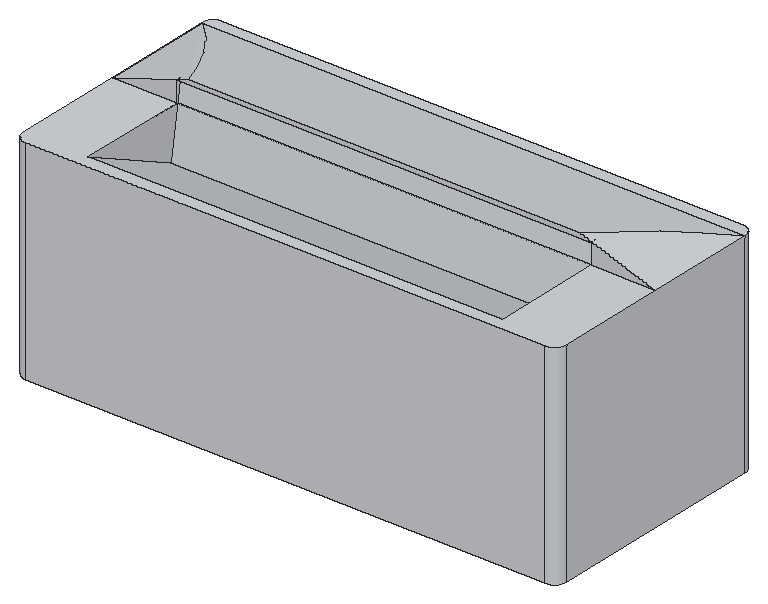
Revit family "2824202", category Lighting Fixtures, Revit 2017
Family settings
  Round Connector Dimension = Use Diameter
  Part Type = Normal
  OmniClass Number = 23.80.70.00
  OmniClass Title = Lighting
  Work Plane-Based = No
  Always vertical = Yes
  Cut with Voids When Loaded = No
  Light Source = Yes
  Shared = No
  Room Calculation Point = No
Parameters (values of type "2824202 MURO RECESSED RECT IP66 420LM 830 GR")
  Weight = "6.8 kg"
  Wattage = 9.5 W
  WarrantyStartDate [instance] = "n/a"
  WarrantyGuarantorParts = "n/a"
  WarrantyDurationUnit = "n/a"
  WarrantyDurationParts = "n/a"
  WarrantyDescription = "n/a"
  WIDTH_SYL = 137.5 mm
  built-in parameter 1150110 = 1 (stored number, unit not read)
  Voltage = 0 V
  URL = "http://www.sylvania-lighting.com"
  TypeName = "Muro Recessed Rectangular IP66 420lm 830 Grey"
  built-in parameter 1114217 = 1 (stored number, unit not read)
  Tilt Angle = -90.00°
  built-in parameter 1150109 = 1 (stored number, unit not read)
  built-in parameter 1150134 = (empty or 0)
  built-in parameter 1150113 = 1 (stored number, unit not read)
  SerialNumber [instance] = "n/a"
  PowerFactor = 0
  PowerConsumption = "9.5 W"
  Photometric Web File = "2824202_V1.IES"
  NominalWidth = 0 mm
  NominalLength = 275 mm
  NominalHeight = 120 mm
  Name = "Muro Recessed Rectangular IP66 420lm 830 Grey"
  ModelReference = "Muro Recessed Rectangular IP66 420lm 830 Grey"
  ModelNumber = "2824202"
  Model = "Muro Recessed Rectangular IP66 420lm 830 Grey"
  Material_4_FEILO = none
  Material_3_FEILO = none
  Material_2_FEILO = none
  Material_1_FEILO = none
  Material = "n/a"
  ManufacturerName = "Feilo Sylvania"
  Manufacturer = "Feilo Sylvania"
  LuminousEfficacy = "44 lm/W"
  Lumens = 418 lm
  LuminaireType = ""
  built-in parameter 1150115 = 1 (stored number, unit not read)
  built-in parameter 1150105 = 330.48 (stored number, unit not read)
  LightOutputRatio = "n/a"
  built-in parameter 1150137 = (empty or 0)
  built-in parameter 1150139 = (empty or 0)
  LampsType = "LED"
  LampNominalLuminous = "420 lm"
  LampMacAdamStep = "3"
  LampColourTemperature = "3000 K"
  LampColourRenderingIndex = "80"
  built-in parameter 1150112 = 1 (stored number, unit not read)
  built-in parameter 1150114 = 1 (stored number, unit not read)
  Lamp = "LED"
  Keynote = "16500"
  InstallationDate [instance] = "n/a"
  InputVoltage = "n/a"
  InputNominalFrequency = "n/a"
  built-in parameter 1150132 = 2
  built-in parameter 1150102 = (empty or 0)
  built-in parameter 1150138 = (empty or 0)
  built-in parameter 1150107 = 3000 (stored number, unit not read)
  IngressProtection = "IP66"
  ImpactProtectionIndex = "IK08"
  built-in parameter 1150106 = 3.3048 (stored number, unit not read)
  IfcExportType = "IfcLightFixtureType"
  IfcExportAs = "IfcLightFixtureType"
  HEIGHT_SYL = 62.5 mm
  ElectricShockClassification = "Class I"
  built-in parameter 1150104 = 4.0877 (stored number, unit not read)
  DocumentationLiterature = "http://www.sylvania-lighting.com/product/en-int/products/2824202"
  DimmingControlOptions = "n/a"
  Dimming Lamp Color Temperature Shift = <None>
  Description = "-"
  DEPTH_SYL = 120 mm
  CreatedOn = "3/3/2021"
  CreatedBy = "@sylvania-lighting.com"
  Color Filter = 16777215
  ClassificationValue = "EF_70_80"
  ClassificationName = "Uniclass2015"
  CUT_WIDT_SYL = 4 mm
  CUT_DIST_SYL = 2 mm
  CUTDEPTH_SYL = 38 mm
  CHAMF_SYL = 6 mm
  BarCode [instance] = "n/a"
  built-in parameter 1114218 = 1 (stored number, unit not read)
  built-in parameter 1150133 = 10 (stored number, unit not read)
  AssetType = "Fixed"
  AssetIdentifier [instance] = "n/a"
  Assembly Code = "D5020200"
  Apparent Load = 9.5 VA
Types (2, lengths in mm): name | Wattage | TypeName | built-in parameter 1150134 | PowerConsumption | Photometric Web File | Name | ModelReference | ModelNumber | Model | LuminousEfficacy | Lumens | built-in parameter 1150105 | LampNominalLuminous | LampColourTemperature | built-in parameter 1150107 | built-in parameter 1150106 | built-in parameter 1150104 | DocumentationLiterature | Apparent Load
  2824203 MURO RECESSED RECT IP66 450LM 840 GR | 9.2 W | "Muro Recessed Rectangular IP66 450lm 840 Grey" | 12 | "9.2 W" | "2824203_V1.IES" | "Muro Recessed Rectangular IP66 450lm 840 Grey" | "Muro Recessed Rectangular IP66 450lm 840 Grey" | "2824203" | "Muro Recessed Rectangular IP66 450lm 840 Grey" | "49 lm/W" | 450.8 lm | 356.41 (stored number, unit not read) | "450 lm" | "4000 K" | 4000 (stored number, unit not read) | 3.5641 (stored number, unit not read) | 4.5522 (stored number, unit not read) | "http://www.sylvania-lighting.com/product/en-int/products/2824203" | 9.2 VA
  2824202 MURO RECESSED RECT IP66 420LM 830 GR | 9.5 W | "Muro Recessed Rectangular IP66 420lm 830 Grey" | (empty or 0) | "9.5 W" | "2824202_V1.IES" | "Muro Recessed Rectangular IP66 420lm 830 Grey" | "Muro Recessed Rectangular IP66 420lm 830 Grey" | "2824202" | "Muro Recessed Rectangular IP66 420lm 830 Grey" | "44 lm/W" | 418 lm | 330.48 (stored number, unit not read) | "420 lm" | "3000 K" | 3000 (stored number, unit not read) | 3.3048 (stored number, unit not read) | 4.0877 (stored number, unit not read) | "http://www.sylvania-lighting.com/product/en-int/products/2824202" | 9.5 VA
Reference planes
  plane 1 "Light Source Axis (F/B)": y = 0
  plane 2: z = 0
  plane 3 "Light Source Axis (L/R)": x = 0
  plane 4 "Light Source Elevation": z = -51.816
  plane 5: x = 137.5
  plane 6: x = -137.5
  plane 7: y = -62.5
  plane 8: y = 62.5
  plane 9: z = 120
  plane 10: y = 87.5
  plane 11: z = 82
  plane 12: y = -4
  plane 13: x = -131.5
  plane 14: x = 131.5
  plane 15: y = 56.5
  plane 16: y = -56.5
  plane 17: z = 118
  plane 18: y = 2
Forms (mm)
  Extrusion 1, solid
    sketch origin (0, 0, 0) x (1, 0, 0) y (0, 1, 0)
      loop
        arc (-131.584, 62.5) -> (-135.457, 61.083) -> (-137.5, 57.5) r 6
        line (-137.5, 57.5) -> (-137.5, -56.5)
        arc (-137.5, -56.5) -> (-135.743, -60.743) -> (-131.5, -62.5) r 6
        line (-131.5, -62.5) -> (131.5, -62.5)
        arc (131.5, -62.5) -> (135.743, -60.743) -> (137.5, -56.5) r 6
        line (137.5, -56.5) -> (137.5, 56.5)
        arc (137.5, 56.5) -> (135.743, 60.743) -> (131.5, 62.5) r 6
        line (131.5, 62.5) -> (-131.584, 62.5)
    from 0 to 107.5
  Extrusion 2, solid
    sketch origin (0, 0, 0) x (0, 1, 0) y (0, 0, 1)
      loop
        line (0, 120) -> (0, 107.5) -> (56.5, 107.5) -> (0, 120)
    from -137.5 to 137.5
  Blend 3, void
    base sketch origin (0, 0, 0) x (1, 0, 0) y (0, 0, 1)
      loop
        arc (-137.5, 107.5) -> (0, 133.131) -> (137.5, 107.5) r 381.631
        line (137.5, 107.5) -> (137.5, 242.5) -> (-137.5, 242.5) -> (-137.5, 107.5)
    top sketch origin (0, 0, 0) x (1, 0, 0) y (0, 0, 1)
      loop
        arc (-137.5, 107.5) -> (0, 115.247) -> (137.5, 107.5) r 1224.176
        line (137.5, 107.5) -> (137.5, 202.5) -> (-137.5, 202.5) -> (-137.5, 107.5)
    from 0 to -86.5
  Extrusion 4, void
    sketch origin (0, 0, 0) x (0, 1, 0) y (0, 0, 1)
      loop
        line (2, 118) -> (-56.5, 107.5) -> (-4, 82) -> (2, 118)
    from -105 to 105
Cuts and joins
  Blend 3, Extrusion 4 cuts Extrusion 2
  Extrusion 4 cuts Extrusion 1
Dimensions and locks
  "HEIGHT_SYL": plane 7 to plane 1 "Light Source Axis (F/B)" to plane 8
  "WIDTH_SYL": plane 6 to plane 3 "Light Source Axis (L/R)" to plane 5
  "DEPTH_SYL": level to plane 9
  "CUTDEPTH_SYL": plane 11 to plane 9
  "CUT_WIDT_SYL": plane 1 "Light Source Axis (F/B)" to plane 12
  "CHAMF_SYL": plane 7 to plane 16
  "CHAMF_SYL": plane 15 to plane 8
  "CHAMF_SYL": plane 6 to plane 13
  "CHAMF_SYL": plane 14 to plane 5
  "CUT_DIST_SYL": plane 17 to plane 9
  "CUT_DIST_SYL": plane 18 to plane 1 "Light Source Axis (F/B)"
  aligned and locked: level to plane 2
  aligned and locked: plane 8 to Extrusion 1 sketch curve
  aligned and locked: plane 6 to Extrusion 1 sketch curve
  aligned and locked: Extrusion 1 sketch curve to plane 7
  aligned and locked: Extrusion 1 sketch curve to plane 5
  aligned and locked: plane 5 to Extrusion 2
  aligned and locked: Extrusion 2 to plane 6
Automatic sketch dimensions
  plane 6 to Extrusion 1 sketch curve = 5.916 mm
  plane 6 to Extrusion 1 sketch curve = 6 mm
  Extrusion 1 sketch curve to plane 5 = 6 mm  (x2)
  Extrusion 1 sketch curve to Extrusion 1 sketch curve = 6 mm
  Blend 3 sketch curve to plane 6 = 0 mm  (x2)
  Blend 3 sketch curve to plane 3 "Light Source Axis (L/R)" = 0 mm
  Blend 3 sketch curve to plane 5 = 0 mm  (x2)
  Blend 3 sketch curve to level = 248.5 mm
  plane 17 to Blend 3 sketch curve = 10.5 mm  (x2)
  Blend 3 sketch curve to plane 9 = 122.5 mm
  plane 3 "Light Source Axis (L/R)" to Blend 3 sketch curve = 0 mm
  Blend 3 sketch curve to level = 1108.93 mm
  Blend 3 sketch curve to plane 9 = 82.5 mm
  Extrusion 2 sketch curve to plane 1 "Light Source Axis (F/B)" = 0 mm
  Extrusion 2 sketch curve to plane 15 = 0 mm
  plane 9 to Extrusion 2 sketch curve = 0 mm
  plane 17 to Extrusion 2 sketch curve = 10.5 mm
  Extrusion 4 sketch curve to plane 16 = 0 mm
  plane 11 to Extrusion 4 sketch curve = 0 mm
  Extrusion 4 sketch curve to plane 12 = 0 mm
  plane 17 to Extrusion 4 sketch curve = 0 mm
  Extrusion 4 sketch curve to plane 18 = 0 mm
  plane 17 to Extrusion 4 sketch curve = 10.5 mm
